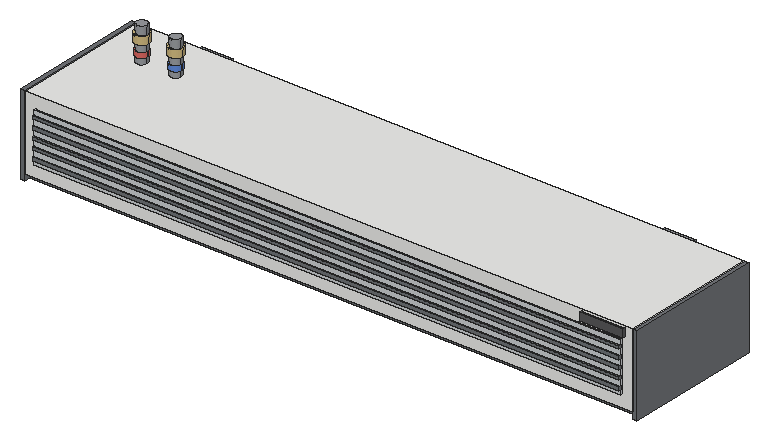
Revit family "CVC_Rideau-air_Biddle_SR-M-200-H3", category Equipement de génie climatique, Revit 2026
Family settings
  Cote de connecteur circulaire = Utiliser le diamètre
  Type d'élément = Normal
  Basée sur le plan de construction = Non
  Toujours verticalement = Oui
  Couper avec des vides une fois chargée = Non
  Conserver l'orientation des annotations = Non
  Partagée = Non
  Repère de localisation dans la pièce = Non
Parameters (values of type "SR M-200-H3")
  Source = "CCTP lot 12 § 4.9.2"
  Modèle = "SR M-200-H3"
  Fabricant = "Biddle"
  Elévation par défaut = 0 mm
  Description = "Rideau d air eau chaude"
  Caractéristiques CCTP = "Largeur 2000 mm, batterie chaude 30,8 kW"
  A vérifier = "Profondeur et hauteur approximatives"
Reference planes
  plane 1 "Centre (avant/arrière)": y = 0
  plane 2: z = 0
  plane 3 "Centre (gauche/droite)": x = 0
Forms (mm)
  Extrusion 1, solid, material "EHPAD_blanc"
    sketch origin (0, 0, 20) x (1, 0, 0) y (0, 1, 0)
      loop
        line (-985, -225) -> (985, -225) -> (985, 225) -> (-985, 225) -> (-985, -225)
    from 0 to 240
  Extrusion 2, solid, material "EHPAD_anthracite"
    sketch origin (0, 0, 0) x (1, 0, 0) y (0, 1, 0)
      loop
        line (-1000, -225) -> (-985, -225) -> (-985, 225) -> (-1000, 225) -> (-1000, -225)
    from 0 to 260
  Extrusion 3, solid, material "EHPAD_anthracite"
    sketch origin (0, 0, 0) x (1, 0, 0) y (0, 1, 0)
      loop
        line (985, -225) -> (1000, -225) -> (1000, 225) -> (985, 225) -> (985, -225)
    from 0 to 260
  Extrusion 4, solid, material "EHPAD_anthracite"
    sketch origin (0, 0, 0) x (1, 0, 0) y (0, 1, 0)
      loop
        line (-985, -205) -> (985, -205) -> (985, -110) -> (-985, -110) -> (-985, -205)
    from 0 to 20
  Extrusion 5, solid, material "EHPAD_gris"
    sketch origin (0, 0, 60) x (1, 0, 0) y (0, 1, 0)
      loop
        line (-950, -231) -> (950, -231) -> (950, -225) -> (-950, -225) -> (-950, -231)
    from 0 to 160
  Extrusion 6, solid, material "EHPAD_anthracite"
    sketch origin (0, 0, 75) x (1, 0, 0) y (0, 1, 0)
      loop
        line (-950, -236) -> (950, -236) -> (950, -231) -> (-950, -231) -> (-950, -236)
    from 0 to 10
  Extrusion 7, solid, material "EHPAD_anthracite"
    sketch origin (0, 0, 105) x (1, 0, 0) y (0, 1, 0)
      loop
        line (-950, -236) -> (950, -236) -> (950, -231) -> (-950, -231) -> (-950, -236)
    from 0 to 10
  Extrusion 8, solid, material "EHPAD_anthracite"
    sketch origin (0, 0, 135) x (1, 0, 0) y (0, 1, 0)
      loop
        line (-950, -236) -> (950, -236) -> (950, -231) -> (-950, -231) -> (-950, -236)
    from 0 to 10
  Extrusion 9, solid, material "EHPAD_anthracite"
    sketch origin (0, 0, 165) x (1, 0, 0) y (0, 1, 0)
      loop
        line (-950, -236) -> (950, -236) -> (950, -231) -> (-950, -231) -> (-950, -236)
    from 0 to 10
  Extrusion 10, solid, material "EHPAD_anthracite"
    sketch origin (0, 0, 195) x (1, 0, 0) y (0, 1, 0)
      loop
        line (-950, -236) -> (950, -236) -> (950, -231) -> (-950, -231) -> (-950, -236)
    from 0 to 10
  Extrusion 11, solid, material "EHPAD_acier"
    sketch origin (0, 0, 140) x (1, 0, 0) y (0, 1, 0)
      loop
        line (-800, 225) -> (-700, 225) -> (-700, 262) -> (-800, 262) -> (-800, 225)
    from 0 to 100
  Extrusion 12, solid, material "EHPAD_acier"
    sketch origin (0, 0, 140) x (1, 0, 0) y (0, 1, 0)
      loop
        line (700, 225) -> (800, 225) -> (800, 262) -> (700, 262) -> (700, 225)
    from 0 to 100
  Extrusion 13, solid, material "EHPAD_noir"
    sketch origin (0, 0, 230) x (1, 0, 0) y (0, 1, 0)
      loop
        line (820, -233) -> (960, -233) -> (960, -225) -> (820, -225) -> (820, -233)
    from 0 to 25
  Extrusion 14, solid, material "EHPAD_acier"
    sketch origin (-850, 80, 260) x (1, 0, 0) y (0, 1, 0)
      loop
        circle (0, 0) r 16.85
    from 0 to 110
  Extrusion 15, solid, material "EHPAD_chaud"
    sketch origin (-850, 80, 279.8) x (1, 0, 0) y (0, 1, 0)
      loop
        circle (0, 0) r 19.85
    from 0 to 15.4
  Extrusion 16, solid, material "EHPAD_laiton"
    sketch origin (-850, 80, 320.5) x (1, 0, 0) y (0, 1, 0)
      loop
        circle (0, 0) r 23.905
    from 0 to 24.2
  Extrusion 17, solid, material "EHPAD_acier"
    sketch origin (-740, 80, 260) x (1, 0, 0) y (0, 1, 0)
      loop
        circle (0, 0) r 16.85
    from 0 to 110
  Extrusion 18, solid, material "EHPAD_froid"
    sketch origin (-740, 80, 279.8) x (1, 0, 0) y (0, 1, 0)
      loop
        circle (0, 0) r 19.85
    from 0 to 15.4
  Extrusion 19, solid, material "EHPAD_laiton"
    sketch origin (-740, 80, 320.5) x (1, 0, 0) y (0, 1, 0)
      loop
        circle (0, 0) r 23.905
    from 0 to 24.2
Dimensions and locks
  aligned and locked: level to plane 2
Connectors
  piping at (-850, 80, 370), diameter 25
    settings: on Extrusion 14, index 1, connector inside diameter 609.6 mm, connector length 0 mm, flow factor 0, pipe flow 0.0 L/s, pressure drop 0.0 Pa, fitting loss kfactor 0, connector angle 0.00°, fixture units 0, engagement length 0 mm, angle of deflection 0.00°, flow configuration 0, flow direction 0, fitting loss method 0, system type 7, joint type 0, gender type 0, connector reference index -1, connector utility 0, adjustable connector no, is connector primary yes, connector description "Batterie aller"
  piping at (-740, 80, 370), diameter 25
    settings: on Extrusion 17, index 2, connector inside diameter 609.6 mm, connector length 0 mm, flow factor 0, pipe flow 0.0 L/s, pressure drop 0.0 Pa, fitting loss kfactor 0, connector angle 0.00°, fixture units 0, engagement length 0 mm, angle of deflection 0.00°, flow configuration 0, flow direction 0, fitting loss method 0, system type 8, joint type 0, gender type 0, connector reference index -1, connector utility 0, adjustable connector no, is connector primary no, connector description "Batterie retour"
